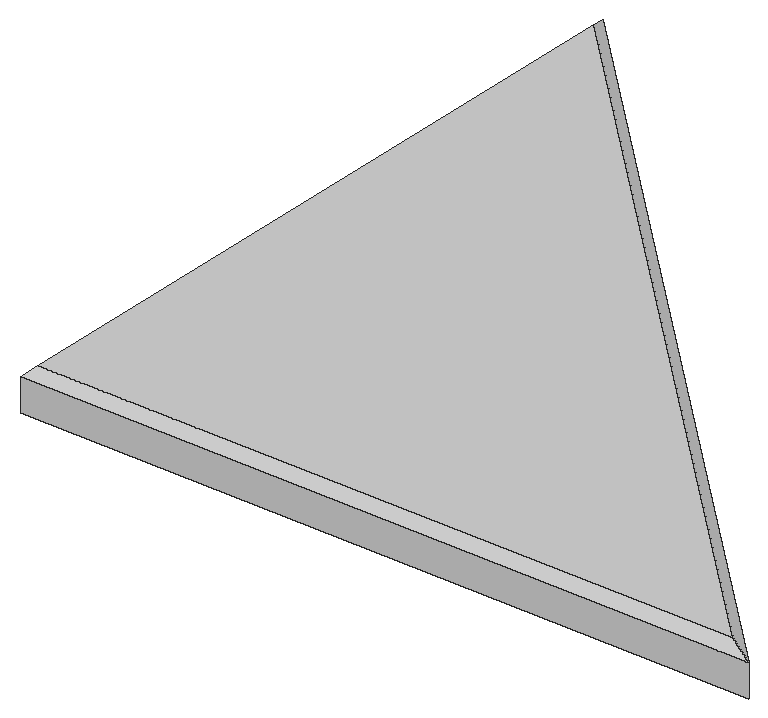
Revit family "LARGE ISOSCELES TRIANGLE", category Specialty Equipment, Revit 2023
Family settings
  Round Connector Dimension = Use Diameter
  Part Type = Normal
  OmniClass Number = 23.35.00.00
  OmniClass Title = Covering, Cladding, and Finishes
  Work Plane-Based = Yes
  Enable Cutting in Views = Yes
  Always vertical = No
  Cut with Voids When Loaded = No
  Maintain Annotation Orientation = No
  Shared = No
  Room Calculation Point = No
Parameters (values of type "1-3/8 inch thick Primed White")
  URL = "https://www.acousticalsurfaces.com/envirocoustic-wood-wool/shapes/"
  Type Comments = "Acoustic Panels"
  Thickness = 0' - 1 3/8"
  Recycled Content Percentage = "0%"
  Model = "Envirocoustic Wood Wool"
  Material = "Envirocoustic Wood Wool"
  Manufacturer = "Acoustical Surfaces, Inc."
  Fire Rating = "ASTM E84 - Class A"
  Finish = Paint - Acoustical-Surfaces - Primed White
  Description = "Acoustic Panels"
  Default Elevation = 0' - 0"
  Assembly Code = "C30"
  Acoustics - NRC = "Sound absorption varies from NRC 0.45 to 0.95 based on installation method used when tested per ASTM C423."
Types (9): name | Thickness | Finish
  1-3/8 inch thick Primed White | 0' - 1 3/8" | Paint - Acoustical-Surfaces - Primed White
  1-3/8 inch thick Primed Clear | 0' - 1 3/8" | Paint - Acoustical-Surfaces - Primed Clear
  1-3/8 inch thick Custom Painted | 0' - 1 3/8" | Paint - Acoustical-Surfaces - Custom Painted
  2 inch thick Primed White | 0' - 2" | Paint - Acoustical-Surfaces - Primed White
  2 inch thick Primed Clear | 0' - 2" | Paint - Acoustical-Surfaces - Primed Clear
  2 inch thick Custom Painted | 0' - 2" | Paint - Acoustical-Surfaces - Custom Painted
  1 inch thick Primed White | 0' - 1" | Paint - Acoustical-Surfaces - Primed White
  1 inch thick Primed Clear | 0' - 1" | Paint - Acoustical-Surfaces - Primed Clear
  1 inch thick Custom Painted | 0' - 1" | Paint - Acoustical-Surfaces - Custom Painted
Reference planes (in)
  plane 1 "Center (Front/Back)": y = 0
  plane 2: z = 0
  plane 3 "Center (Left/Right)": x = 0
  plane 4: z = 1.375
  plane 5: z = -1
Forms (in)
  Extrusion 1, solid, material "Paint - Acoustical-Surfaces - Primed White" <- "Finish"
    sketch origin (-2.75421, -1.46603, 0) x (1, 0, 0) y (0, 1, 0)
      loop
        line (2.75421, 1.46603) -> (26.75421, 1.46603) -> (2.75421, 25.46603) -> (2.75421, 1.46603)
    from 0 to 1.375
  Sweep 2, void
    path origin (-2.75421, -1.46603, 1.375) x (1, 0, 0) y (0, 1, 0)
      loop
        line (2.75421, 25.46603) -> (2.75421, 1.46603) -> (26.75421, 1.46603) -> (2.75421, 25.46603)
    profile "Triangle : Family2" origin (0, 12, 1.375) x (1, 0, 0) y (0, 0, 1)
      loop
        line (0, 0) -> (0, -0.315) -> (0.315, 0) -> (0, 0)
Cuts and joins
  Sweep 2 cuts Extrusion 1
Dimensions and locks (in)
  "Thickness": plane 4 to level
  level to plane 5 = 0' - 1"
  aligned and locked: level to plane 2
  aligned and locked: Extrusion 1 to plane 4
Automatic sketch dimensions
  Sweep 2 sketch curve to Extrusion 1 = 0' - 0"  (x4)
  Extrusion 1 sketch curve to Extrusion 1 sketch curve = 2' - 0"  (x2)
  Extrusion 1 sketch curve to plane 3 "Center (Left/Right)" = 0' - 0"
  plane 1 "Center (Front/Back)" to Extrusion 1 sketch curve = 0' - 0"
